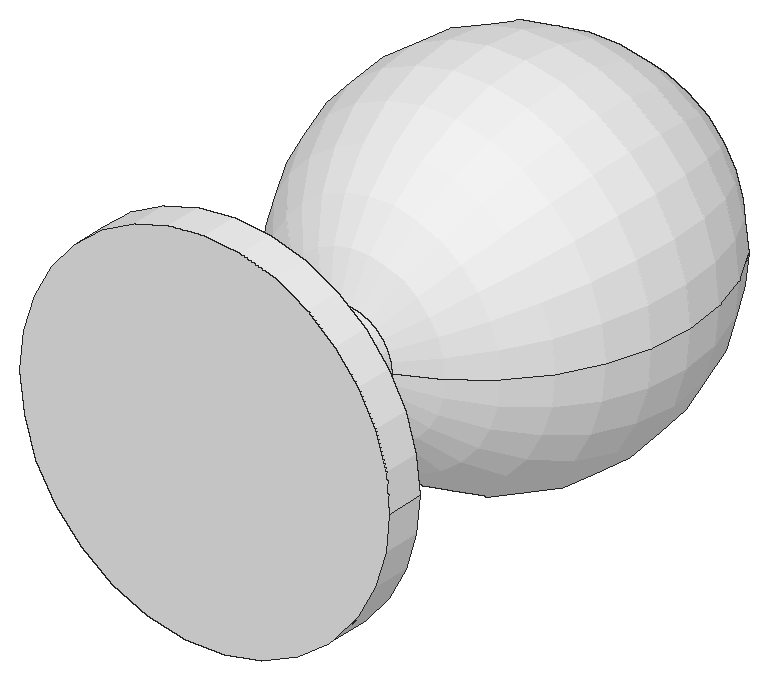
Revit family
Parameters
  Manufacturer = ""
  Material Ironmongery = Door Handle - Aluminium
  Handle Z Distance = 0 mm
  Handle X Distance = 65 mm
Reference planes
  plane 1 "Center (Front/Back)": y = 0
  plane 2: z = 0
  plane 3 "Center (Left/Right)": x = 0
  plane 4: z = 0
  plane 5: x = 65
Forms (mm)
  Extrusion 1, solid, material "Door Handle - Aluminium" <- "Material Ironmongery"
    sketch origin (0, 0, 900) x (1, 0, 0) y (0, 0, 1)
      loop
        circle (65, 0) r 20
    from 0 to -4
  Revolve 2, solid, material "Door Handle - Aluminium" <- "Material Ironmongery"
    sketch origin (0, 0, 900) x (0, -1, 0) y (1, 0, 0)
      loop
        line (-19, 60) -> (-4, 60) -> (-4, 65) -> (-63.437, 65)
        arc (-63.437, 65) -> (-43.159, 45.253) -> (-19, 60) r 23.08
      axis (-4, 65) -> (-63.437, 65)
    angle from 0 to 360
Cuts and joins
  joined: Extrusion 1, Revolve 2
Dimensions and locks
  "Handle Z Distance": plane 4 to level
  "Handle X Distance": plane 5 to plane 3 "Center (Left/Right)"
Automatic sketch dimensions
  Extrusion 1 sketch curve to plane 4 = 900 mm
  Extrusion 1 sketch curve to plane 5 = 0 mm
  Revolve 2 sketch curve to plane 5 = 0 mm  (x2)
  Revolve 2 sketch curve to plane 1 "Center (Front/Back)" = 74 mm
  Revolve 2 sketch curve to Revolve 2 sketch curve = 10.563 mm
  Revolve 2 sketch curve to plane 5 = 3.188 mm
  Revolve 2 sketch curve to Revolve 2 sketch curve = 22.859 mm
  plane 5 to Revolve 2 sketch curve = 5 mm
  Revolve 2 sketch curve to plane 1 "Center (Front/Back)" = 4 mm
  Revolve 2 sketch curve to Revolve 2 sketch curve = 0 mm
  radius of Extrusion 1 sketch curve = 20 mm
